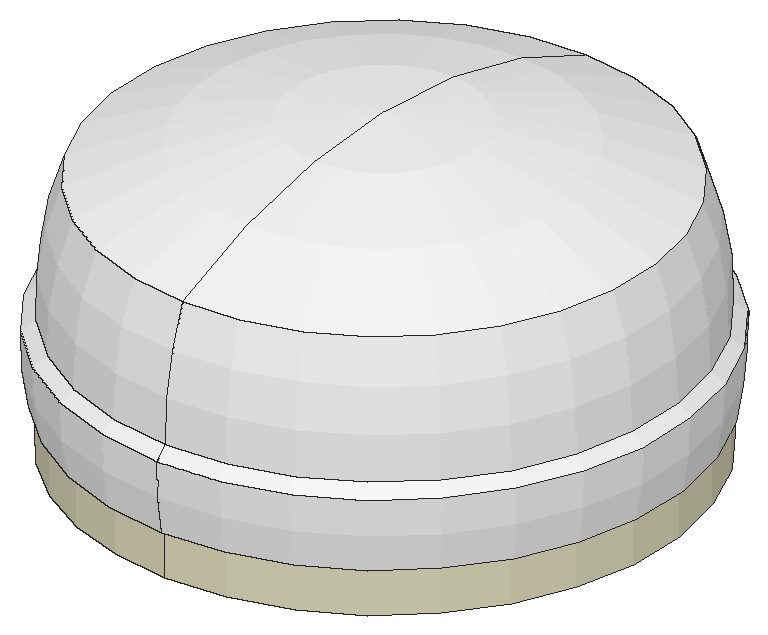
Revit family "Lighting-CommercialSector-GEWISS-TONDAES-LUMINAIRES_230", category Apparecchi per illuminazione, host Superficie, Revit 2019
Family settings
  Host = Superficie
  Quota connettore circolare = Usa diametro
  Tipo di parte = Normale
  Numero OmniClass = 23.80.70.00
  Titolo OmniClass = Lighting
  Taglio con vuoti quando caricato = No
  Sorgente d'illuminazione = Sì
  Condiviso = No
  Punto di calcolo locali = Sì
Parameters (values of type "GW80652 - For lamp E27 100W - Grey - IP44")
  Weight (kg): = "0,4"
  Weight (kg) = "0,4"
  Wattage = 9.2903 W
  Voltaggio = 230 V
  Version file RFA = "20.11"
  Variazione temperatura colore lampada con luminosità attenuata = <Nessuno>
  URL = "https://www.gewiss.com/ww/en"
  built-in parameter 1150107 = 3200 (stored number, unit not read)
  Visibilità simbolo in pianta [instance] = yes
  Technical sheet = "https://www.gewiss.com/ww/en/search?q=GW80652"
  Shock resistance = "IK10"
  SEO = "Luminaire"
  Realized by GEWISS S.p.A. = ""
  Default Elevation = 1219.2 mm
  Produttore = "GEWISS S.p.A."
  built-in parameter 1150110 = 1 (stored number, unit not read)
  built-in parameter 1150109 = 1 (stored number, unit not read)
  built-in parameter 1114218 = 1 (stored number, unit not read)
  built-in parameter 1150112 = 1 (stored number, unit not read)
  Offset etichetta W [instance] = 140 mm
  Numero di poli = 2
  Modello = "GW80652"
  built-in parameter 1150137 = (empty or 0)
  built-in parameter 1150132 = (empty or 0)
  Max lamp power = "100W"
  Material = ""
  Lampada = "E27"
  Lamp power = "100W"
  Lamp holder = "E27"
  built-in parameter 1150105 = 109.82 (stored number, unit not read)
  built-in parameter 1150102 = (empty or 0)
  Insulation class = "II"
  Immagine tipo = GW80652.jpg
  built-in parameter 1150106 = 1.0982 (stored number, unit not read)
  IP degree = "IP44"
  IFC.TypeObject = ""
  IFC.ExportType = ""
  IFC.ExportAs = ""
  IDT = "75a1c7d1-ff40-4778-8f1e-a2357dd2b789"
  IDF = "adee3afb-e2a3-4843-a8aa-51355654a1ee"
  Glow Wire Test = "850°C"
  Lumens = 1380 lm
  Color Filter = 16777215
  File diagramma fotometrico = "GW80652-80652385.IES"
  built-in parameter 1114217 = 1 (stored number, unit not read)
  built-in parameter 1150139 = (empty or 0)
  Electrocod = "2415"
  Efficiency class of the lamp supplied = "D ÷ A+"
  Efficiency class of compatible lamps = "D ÷ A+"
  built-in parameter 1150104 = 13.8 (stored number, unit not read)
  ETICHETTA W [instance] = yes
  EAN code = "8011564068810"
  Distanza_y [instance] = 300 mm
  Distanza_x [instance] = 0 mm
  Distanza_effettiva_y [instance] = 1000 mm - Distanza_y  # 700 mm
  Distanza_effettiva_x [instance] = 1000 mm - Distanza_x  # 1000 mm
  Distanza frontale_y_simbolo [instance] = 60 mm
  built-in parameter 1150115 = 1 (stored number, unit not read)
  built-in parameter 1150114 = 1 (stored number, unit not read)
  built-in parameter 1150113 = 1 (stored number, unit not read)
  Descrizione = "TONDA ES 230 100W E27 IP44 RAL7035"
  Commenti sul wattaggio = "100W"
  Colour = "Grey RAL 7035"
  built-in parameter 1150134 = 3
  built-in parameter 1150138 = (empty or 0)
  Catalogue Range = "TONDA ES"
  Catalogue = "LIGHTING"
  Carico apparente = 100 VA
  Visibilità proiettore [instance] = not(Visibilità simbolo in pianta)  # no
  COBie.Tagnumber = ""
  COBie.CreatedOn = ""
  COBie.CreatebBy = ""
  COBie.ComponentRegisterItemID = ""
  COBie.Component.TagNumber = ""
  COBie.Component.Space = ""
  COBie.Component.SerialNumber = ""
  COBie.Component.InstallationDate = ""
  COBie.Component.Description = ""
  COBie.Component.BarCode = ""
  Application = "Indoor / Outdoor"
  Tilt Angle = 0.00°
  built-in parameter 1150133 = 10 (stored number, unit not read)
Reference planes
  plane 1 "Centro (Fronte/Retro)": y = 0
  plane 2: z = 0
  plane 3 "Centro (Sinistra/Destra)": x = 0
  plane 4: z = 120.006
  plane 5: x = -1000
  plane 6: y = -1000
  plane 7: x = 0
  plane 8: y = -300
  plane 9: z = 60
Lines and regions (mm)
  Masking region 1, visible <- "Visibilità proiettore"
    outline origin (0, 0, 138.951) x (0, -1, 0) y (1, 0, 0)
      loop
        circle (0, 0) r 114.951
      loop
        circle (0, 0) r 112.121
  Masking region 2, visible <- "Visibilità proiettore"
    outline origin (0, 0, 138.951) x (0, -1, 0) y (1, 0, 0)
      loop
        circle (0, 0) r 112.121
  Masking region 3, visible <- "Visibilità simbolo in pianta"
    outline origin (0, 0, 0) x (1, 0, 0) y (0, 0, 1)
      loop
        line (-20, 0) -> (20, 0) -> (20, 40) -> (-20, 40) -> (-20, 0)
  Masking region 4, visible <- "Visibilità simbolo in pianta"
    outline origin (0, 0, 0) x (0, 1, 0) y (0, 0, 1)
      loop
        line (-20, 0) -> (20, 0) -> (20, 40) -> (-20, 40) -> (-20, 0)
Dimensions and locks
  plane 5 to plane 3 "Centro (Sinistra/Destra)" = 1000 mm
  plane 1 "Centro (Fronte/Retro)" to plane 6 = 1000 mm
  "Distanza_effettiva_y": plane 8 to plane 6
  "Distanza_effettiva_x": plane 5 to plane 7
  "Distanza frontale_y_simbolo": plane 9 to host face
  aligned and locked: plane 2 to host face
  aligned and locked: level to host face
  aligned and locked: imposter light to plane 4
  aligned and locked: plane 3 "Centro (Sinistra/Destra)" to imposter light
  aligned and locked: nested 2 to plane 8
  aligned and locked: plane 7 to nested 2
  aligned and locked: Masking region 3 to level
  aligned and locked: nested 5 to plane 7
  aligned and locked: plane 4 to nested 5
  aligned and locked: plane 1 "Centro (Fronte/Retro)" to nested 6
  aligned and locked: plane 4 to nested 6
  aligned and locked: plane 2 to Masking region 4 sketch curve
  aligned and locked: nested 3 to host face
  aligned and locked: nested 4 to host face
  aligned and locked: plane 3 "Centro (Sinistra/Destra)" to nested 7
  aligned and locked: plane 1 "Centro (Fronte/Retro)" to nested 7
Automatic sketch dimensions
  host sketch curve to host sketch curve = 2438.4 mm  (x2)
  Masking region 1 sketch curve to Masking region 1 sketch curve = 0 mm  (x2)
  plane 1 "Centro (Fronte/Retro)" to Masking region 1 sketch curve = 0 mm
  Masking region 1 sketch curve to plane 3 "Centro (Sinistra/Destra)" = 0 mm
  plane 1 "Centro (Fronte/Retro)" to Masking region 2 sketch curve = 0 mm
  Masking region 2 sketch curve to plane 3 "Centro (Sinistra/Destra)" = 0 mm
  Masking region 3 sketch curve to level = 0 mm
  Masking region 3 sketch curve to plane 3 "Centro (Sinistra/Destra)" = 20 mm
  plane 3 "Centro (Sinistra/Destra)" to Masking region 3 sketch curve = 20 mm
  Masking region 3 sketch curve to plane 9 = 20 mm
  plane 1 "Centro (Fronte/Retro)" to Masking region 4 sketch curve = 20 mm
  Masking region 4 sketch curve to plane 1 "Centro (Fronte/Retro)" = 20 mm
  Masking region 4 sketch curve to plane 9 = 20 mm
  radius of Masking region 1 sketch curve = 114.951 mm
  radius of Masking region 1 sketch curve = 112.121 mm
  radius of Masking region 2 sketch curve = 112.121 mm
Nested families
  nested 1: "APPILLPARETE" at (0, 0, 138.951) x (1, 0, 0) z (0, 0, -1), visible <- "Visibilità simbolo in pianta", type "SIMBOLO"
  nested 2: "ETICHETTA LIGHT" at (0, -300, 0), visible <- "ETICHETTA W", type "ETICHETTA LIGHT"
  nested 3: "2D - TONDA - FRONTE" at (0, 0, 0) x (1, 0, 0) z (0, -1, 0), visible <- "Visibilità proiettore", type "BIDIMENSIONALE"
  nested 4: "2D - TONDA - FRONTE" at (0, 0, 0) x (0, 1, 0) z (1, 0, 0), visible <- "Visibilità proiettore", type "BIDIMENSIONALE"
  nested 5: "APPILLPARETE" at (0, 0, 120.006) x (-1, 0, 0) z (0, -1, 0), visible <- "Visibilità simbolo in pianta", type "SIMBOLO"
  nested 6: "APPILLPARETE" at (0, 0, 120.006) x (0, -1, 0) z (1, 0, 0), visible <- "Visibilità simbolo in pianta", type "SIMBOLO"
  nested 7: "TONDA ES PLAF_ 230mm" at (0, 0, 0), type "TONDA ES PLAF_ 230mm"
Connectors
  electrical at (0, 0, 16.945), driven by "Numero di poli", driven by "Carico apparente"
    settings: on nested 7, index 1, voltage 230 V, apparent load 0 VA, apparent load phase1 100 VA, apparent load phase2 0 VA, apparent load phase3 0 VA, power factor 1, load classification "Illuminazione", number of poles 2, system type 31, power factor state 1, is connector primary yes, connector utility no, sub classification motor no, connector description ""
Definition of nested family "TONDA ES PLAF_ 230mm"
  Parameters (values of type "TONDA ES PLAF_ 230mm")
    Vetro = none
    Struttura = none
    Default Elevation = 1219.2 mm
    IFC.TypeObject = ""
    IFC.ExportType = ""
    IFC.ExportAs = ""
    COBie.CreatedOn = ""
    COBie.CreatebBy = ""
    COBie.ComponentRegisterItemID = ""
    COBie.Component.TagNumber = ""
    COBie.Component.Space = ""
    COBie.Component.SerialNumber = ""
    COBie.Component.InstallationDate = ""
    COBie.Component.Description = ""
    COBie.Component.BarCode = ""
  Reference planes
    plane 1 "Centro (Fronte/Retro)": y = 0
    plane 2: z = 0
    plane 3 "Centro (Sinistra/Destra)": x = 0
    plane 4: through (4267.2, -262.905, 13.583) normal (0, -0.0021, 1)
    plane 5: z = 151.401
  Forms (mm)
    Revolve 1, solid, material <- "Struttura"
      sketch origin (0, 0, 120.006) x (0, 1, 0) y (0, 0, -1)
        loop
          arc (-101.899, 24.174) -> (-52.363, 6.126) -> (0, 0) r 226.854
          line (0, 0) -> (0, 102.952) -> (-112.121, 102.952)
          arc (-112.121, 102.952) -> (-114.396, 89.578) -> (-114.951, 76.023) r 106.484
          line (-114.951, 76.023) -> (-110.142, 72.042)
          arc (-110.142, 72.042) -> (-108.549, 47.672) -> (-101.899, 24.174) r 116.215
        axis (0, 102.952) -> (0, 0)
      angle from 0 to 360
    Revolve 2, solid, material <- "Vetro"
      sketch origin (0, 0, 120.006) x (0, 1, 0) y (0, 0, -1)
        loop
          line (-110.697, 120.006) -> (-110.697, 103.061) -> (0, 103.061) -> (0, 120.006) -> (-110.697, 120.006)
        axis (0, 120.006) -> (0, 103.061)
      angle from 0 to 360
    Revolve 3, solid, material <- "Struttura", not visible
      sketch origin (0, 0, 120.006) x (0, 1, 0) y (0, 0, -1)
        loop
          arc (-101.899, 24.174) -> (-52.363, 6.126) -> (0, 0) r 226.854
          line (0, 0) -> (0, 102.952) -> (-112.121, 102.952)
          arc (-112.121, 102.952) -> (-114.396, 89.578) -> (-114.951, 76.023) r 106.484
          line (-114.951, 76.023) -> (-110.142, 72.042)
          arc (-110.142, 72.042) -> (-108.549, 47.672) -> (-101.899, 24.174) r 116.215
        axis (0, 102.952) -> (0, 0)
      angle from 0 to 360
    Revolve 4, solid, material <- "Vetro", not visible
      sketch origin (0, 0, 120.006) x (0, 1, 0) y (0, 0, -1)
        loop
          line (-110.697, 120.006) -> (-110.697, 103.061) -> (0, 103.061) -> (0, 120.006) -> (-110.697, 120.006)
        axis (0, 120.006) -> (0, 103.061)
      angle from 0 to 360
  Dimensions and locks
    aligned and locked: level to plane 2
    aligned and locked: level to Revolve 2
Definition of nested family "APPILLPARETE"
  Reference planes
    plane 1 "Centro (Fronte/Retro)": y = 0
    plane 2: z = 0
    plane 3 "Centro (Sinistra/Destra)": x = 0
  Lines and regions (mm)
    detail lines, in view "Livello rif.", not visible
      curve 1: line (-434.732, 414.799, 0) -> (395.268, 414.799, 0)
      curve 2: line (395.268, 414.799, 0) -> (395.268, -415.201, 0)
      curve 3: line (395.268, -415.201, 0) -> (-434.732, -415.201, 0)
      curve 4: line (-434.732, -415.201, 0) -> (-434.732, 414.799, 0)
      curve 5: line (58.526, -74.015, 0) -> (-93.638, 1.741, 0)
      curve 6: line (-93.638, 1.741, 0) -> (58.526, 78.409, 0)
      curve 7: line (58.526, 78.409, 0) -> (58.526, -74.015, 0)
      curve 8: line (-93.638, 77.953, 0) -> (-93.638, -74.47, 0)
      curve 9: line (-186.527, 1.741, 0) -> (-93.638, 1.741, 0)
      curve 10: line (58.526, 2.197, 0) -> (158.12, 2.197, 0)
      curve 11: line (282.211, 301.741, 0) -> (282.211, -298.259, 0)
      curve 12: line (282.211, -298.259, 0) -> (-317.789, -298.259, 0)
      curve 13: line (-317.789, -298.259, 0) -> (-317.789, 301.741, 0)
      curve 14: line (-317.789, 301.741, 0) -> (282.211, 301.741, 0)
      curve 15: line (-242.656, 1.741, 0) -> (-242.656, 226.608, 0)
      curve 16: line (-242.656, 226.608, 0) -> (207.077, 226.608, 0)
      curve 17: line (207.077, 226.608, 0) -> (207.077, -223.125, 0)
      curve 18: line (207.077, -223.125, 0) -> (-242.656, -223.125, 0)
      curve 19: line (-242.656, -223.125, 0) -> (-242.656, 1.741, 0)
      curve 20: line (-19.732, -725.201, 0) -> (-19.732, 464.799, 0)
      curve 21: line (-754.732, 0, 0) -> (625.268, 0, 0)
    detail lines, in view "Livello rif."
      curve 22: arc (130.771, -55.405, 0) -> (0, 55.576, 0) -> (-130.771, -55.405, 0) r 132.535
      curve 23: circle (0.205, 0.085, 0) r 55.49 normal (0, 0, 1)
      curve 24: line (130.771, -55.405, 0) -> (-130.771, -55.405, 0)
      curve 25: line (-39.238, 39.238, 0) -> (39.238, -39.238, 0)
      curve 26: line (39.238, 39.238, 0) -> (-39.238, -39.238, 0)
Definition of nested family "ETICHETTA LIGHT"
  Parameters (values of type "ETICHETTA LIGHT")
    COMMENTI = ""
  Reference planes
    plane 1: y = 0
    plane 2: x = 0
  Text (mm)
    label "COMMENTI" at (-0.057, 0.105, 0), shows "COMMENTI"
Definition of nested family "2D - TONDA - FRONTE"
  Reference planes
    plane 1 "Centro (Fronte/Retro)": y = 0
    plane 2: z = 0
    plane 3 "Centro (Sinistra/Destra)": x = 0
  Lines and regions (mm)
    Masking region 1, in view "Livello rif."
      outline origin (-291.485, -383.351, 0) x (1, 0, 0) y (0, 1, 0)
        loop
          line (203.058, 485.474) -> (202.229, 483.344) -> (199.173, 481.769) -> (196.392, 482.605) -> (190.191, 479.637)
          arc (190.191, 479.637) -> (189.63, 479.22) -> (189.266, 478.623) r 1.829
          arc (189.266, 478.623) -> (183.109, 455.694) -> (181.291, 432.022) r 128.075
          line (181.291, 432.022) -> (176.488, 427.332) -> (176.488, 383.351) -> (406.482, 383.351) -> (406.482, 427.332) -> (401.679, 432.022)
          arc (401.679, 432.022) -> (399.86, 455.694) -> (393.704, 478.623) r 128.075
          arc (393.704, 478.623) -> (393.34, 479.22) -> (392.778, 479.637) r 1.829
          line (392.778, 479.637) -> (386.578, 482.605) -> (383.796, 481.769) -> (380.74, 483.344) -> (379.985, 485.284)
          arc (379.985, 485.284) -> (291.541, 503.294) -> (203.058, 485.474) r 227.37
    detail lines, in view "Livello rif."
      curve 1: line (114.991, 43.981, 0) -> (-114.997, 43.981, 0)
      curve 2: line (114.9, 37.225, 0) -> (114.991, 43.981, 0)
      curve 3: line (111.011, 47.961, 0) -> (-110.921, 47.961, 0)
      curve 4: line (-114.997, 43.981, 0) -> (-114.812, 37.225, 0)
      curve 5: line (88.582, 101.939, 0) -> (0, 101.939, 0)
      curve 6: line (0, 101.939, 0) -> (-88.498, 101.939, 0)
